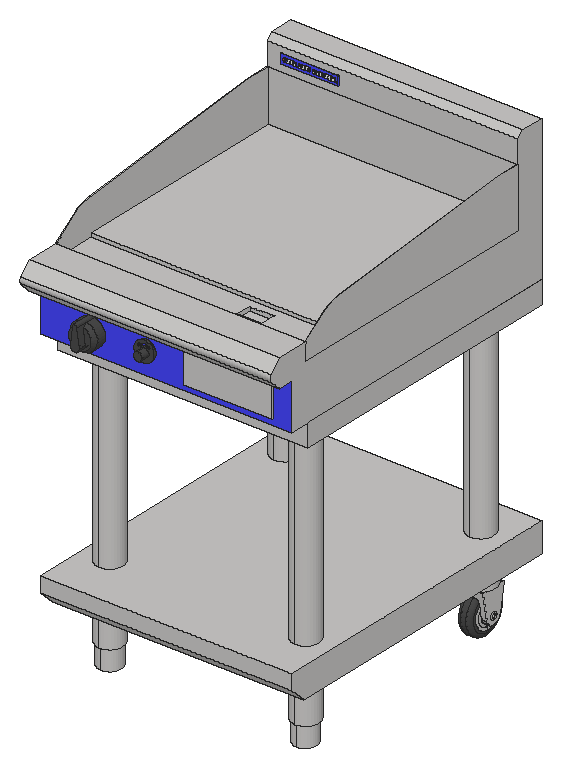
Revit family "QF_MOFFAT_BLUESEAL_CE_GP514-LS", category Specialty Equipment, Revit 2012
Parameters
  Weight in Pounds = 238  # constant formula
  URL Cutsheet = "www.moffat.com"
  URL = "www.moffat.com"
  Type Mark [instance] = ""
  Status [instance] = ""
  Specification by User [instance] = ""
  Specification by Manufacturer = ""
  Show Logo [instance] = yes
  Show Casters [instance] = yes
  Serial Number = ""
  Seismic Rating = ""
  SMACNA No = ""
  Revision Code [instance] = ""
  Omniclass Number and Title = ""
  NAFEM Spec ID Number = ""
  Model = "GP514-LS"
  Mechanical Remarks = ""
  Mechanical Connection Type = ""
  Masterspec = ""
  Manufacturer = "MOFFAT BLUESEAL"
  Legs [instance] = not(Show Casters)  # no
  Item Number [instance] = ""
  Installed By [instance] = ""
  Identify Quantity as Lot [instance] = yes
  Gas Size = 3/4"
  Gas RI Height [instance] = 0 mm
  Gas KW = 14.9
  Gas Input = 50234.0 Btu/h
  Gas Connection Height = 0 mm
  Furnished By [instance] = ""
  Foodservice Equipment Identifier [instance] = yes
  Description = "600MM GAS GRIDDLE PLATE ON LEG STAND"
  CSI MasterFormat = ""
  CSI Master Format = ""
  Base Height [instance] = 150 mm
Reference planes
  plane 1 "BACK": y = 0
  plane 2: z = 0
  plane 3 "LEFT": x = 0
  plane 4 "RIGHT": x = 600
  plane 5 "FRONT": y = -812
  plane 6 "TOP": z = 970
  plane 7 "Center Y": x = 300
  plane 8 "Center X": y = -406
  plane 9 "Base Height": z = 150
  plane 10: z = 915
  plane 11: y = -31
  plane 12: z = 710
  plane 13: z = 1085
  plane 14: y = -625
  plane 15: y = -100
  plane 16: x = 534.371
Forms (mm)
  Extrusion 1, solid, material "QF_Finishes_Stainless Steel"
    sketch origin (0, 0, 0) x (0, 1, 0) y (0, 0, 1)
      loop
        line (-749, 850) -> (-749, 740) -> (0, 740) -> (0, 1085) -> (-57.5, 1085) -> (-70, 1072.5) -> (-70, 875) -> (-705, 875) -> (-705, 915) -> (-783.97, 915) -> (-808.485, 890.485)
        arc (-808.485, 890.485) -> (-811.999, 882) -> (-808.485, 873.515) r 12
        line (-808.485, 873.515) -> (-784.97, 850) -> (-749, 850)
      loop
        line (0, 685) -> (0, 739.5) -> (-699, 739.5) -> (-699, 685) -> (0, 685)
      loop
        line (0, 222.5) -> (-749, 222.5) -> (-749, 186) -> (-713, 150) -> (0, 150) -> (0, 222.5)
    from 0 to 600
  Revolve 2, solid, material "QF_Finishes_Black"
    sketch origin (128.961, 7, 598.311) x (0, 1, 0) y (0, 0, -1)
      loop
        line (-789, -229.5) -> (-766, -229.5) -> (-766, -202) -> (-756, -202) -> (-756, -197) -> (-800, -197) -> (-800, -223.651) -> (-789, -229.5)
      axis (-800, -197) -> (-756, -197)
    angle from 0 to 360
  Extrusion 3, solid, material "QF_Finishes_Black"
    sketch origin (128.961, -759, 795.311) x (0, 0, 1) y (1, 0, 0)
      loop
        arc (32.192, -4.965) -> (37.079, 0.034) -> (32.192, 5.033) r 5
        line (32.192, 5.033) -> (-10.726, 10.453)
        arc (-10.726, 10.453) -> (-22.392, 0.618) -> (-11.893, -10.454) r 10.487
        line (-11.893, -10.454) -> (32.192, -4.965)
    from 0 to -49
  Extrusion 4, solid, material "QF_Finishes_Stainless Steel"
    sketch origin (0, 0, 222.5) x (0, -1, 0) y (1, 0, 0)
      loop
        circle (100, 65) r 31.75
      loop
        circle (625, 65) r 31.75
      loop
        circle (100, 534.371) r 31.75
      loop
        circle (625, 534.371) r 31.75
    from 0 to 462.5
  Revolve 5, solid, material "QF_Finishes_Stainless Steel", visible <- "Legs"
    sketch origin (65.5, -166, 0) x (0, 1, 0) y (0, 0, 1)
      loop
        line (34.25, 150) -> (34.25, 50) -> (38.5, 50) -> (38.5, 0) -> (66, 0) -> (66, 150) -> (34.25, 150)
      axis (66, 150) -> (66, 0)
    angle from 0 to 360
  Revolve 6, solid, material "QF_Finishes_Stainless Steel"
    sketch origin (65.5, -735, 0) x (0, 1, 0) y (0, 0, 1)
      loop
        line (78.25, 150) -> (78.25, 50) -> (82.5, 50) -> (82.5, 0) -> (110, 0) -> (110, 150) -> (78.25, 150)
      axis (110, 150) -> (110, 0)
    angle from 0 to 360
  Revolve 7, solid, material "QF_Finishes_Stainless Steel", visible <- "Legs"
    sketch origin (534.242, -166, 0) x (0, 1, 0) y (0, 0, -1)
      loop
        line (34.25, -150) -> (66, -150) -> (66, 0) -> (38.5, 0) -> (38.5, -50) -> (34.25, -50) -> (34.25, -150)
      axis (66, -150) -> (66, 0)
    angle from 0 to 360
  Revolve 8, solid, material "QF_Finishes_Stainless Steel"
    sketch origin (534.371, -728, 0) x (0, 1, 0) y (0, 0, -1)
      loop
        line (71.25, -150) -> (103, -150) -> (103, 0) -> (75.5, 0) -> (75.5, -50) -> (71.25, -50) -> (71.25, -150)
      axis (103, -150) -> (103, 0)
    angle from 0 to 360
  Revolve 9, solid, material "QF_Finishes_Stainless Steel", visible <- "Show Casters"
    sketch origin (16.276, -100.755, -13.653) x (1, 0, 0) y (0, 0, 1)
      loop
        line (14.841, 63.604) -> (83.584, 63.604) -> (83.584, 67.109) -> (82.314, 68.379) -> (80.79, 68.379) -> (80.79, 71.826) -> (68.644, 71.826) -> (68.644, 81.79) -> (65.088, 83.843) -> (63.738, 92.179) -> (65.881, 92.179) -> (65.881, 98.529) -> (65.088, 98.529) -> (65.088, 104.879)
        arc (65.088, 104.879) -> (62.298, 111.614) -> (55.563, 114.404) r 9.525
        line (55.563, 114.404) -> (42.863, 114.404)
        arc (42.863, 114.404) -> (36.127, 111.614) -> (33.338, 104.879) r 9.525
        line (33.338, 104.879) -> (33.338, 98.529) -> (32.544, 98.529) -> (32.544, 92.179) -> (34.687, 92.179) -> (33.352, 83.932) -> (29.782, 81.871) -> (29.782, 71.826) -> (17.635, 71.826) -> (17.635, 68.379) -> (16.111, 68.379) -> (14.841, 67.109) -> (14.841, 63.604)
      axis (14.841, 63.604) -> (83.584, 63.604)
    angle from 0 to 360
  Extrusion 10, solid, material "QF_Finishes_Stainless Steel", visible <- "Show Casters"
    sketch origin (72.001, 132.353, -8.783) x (0, 1, 0) y (0, 0, 1)
      loop
        line (-200.603, 118.783) -> (-264.103, 118.783) -> (-251.746, 53.895)
        arc (-251.746, 53.895) -> (-232.353, 38.783) -> (-212.959, 53.895) r 20
        line (-212.959, 53.895) -> (-200.603, 118.783)
    from -35.667 to 22.923
  Revolve 11, solid, material "QF_Finishes_Stainless Steel", visible <- "Show Casters"
    sketch origin (65.5, -204, 0) x (0, 1, 0) y (0, 0, 1)
      loop
        line (68.25, 150) -> (68.25, 110) -> (104, 110) -> (104, 150) -> (68.25, 150)
      axis (104, 150) -> (104, 110)
    angle from 0 to 360
  Revolve 12, solid, material "QF_Finishes_Stainless Steel", visible <- "Legs"
    sketch origin (65.5, -166, 0) x (0, 1, 0) y (0, 0, 1)
      loop
        line (34.25, 150) -> (34.25, 50) -> (38.5, 50) -> (38.5, 0) -> (66, 0) -> (66, 150) -> (34.25, 150)
      axis (66, 150) -> (66, 0)
    angle from 0 to 360
  Revolve 13, solid, material "QF_Finishes_Stainless Steel", visible <- "Show Casters"
    sketch origin (335.019, -100.755, -13.653) x (1, 0, 0) y (0, 0, 1)
      loop
        line (164.841, 63.604) -> (233.584, 63.604) -> (233.584, 67.109) -> (232.314, 68.379) -> (230.79, 68.379) -> (230.79, 71.826) -> (218.644, 71.826) -> (218.644, 81.79) -> (215.088, 83.843) -> (213.738, 92.179) -> (215.881, 92.179) -> (215.881, 98.529) -> (215.088, 98.529) -> (215.088, 104.879)
        arc (215.088, 104.879) -> (212.298, 111.614) -> (205.563, 114.404) r 9.525
        line (205.563, 114.404) -> (192.863, 114.404)
        arc (192.863, 114.404) -> (186.127, 111.614) -> (183.338, 104.879) r 9.525
        line (183.338, 104.879) -> (183.338, 98.529) -> (182.544, 98.529) -> (182.544, 92.179) -> (184.687, 92.179) -> (183.352, 83.932) -> (179.782, 81.871) -> (179.782, 71.826) -> (167.635, 71.826) -> (167.635, 68.379) -> (166.111, 68.379) -> (164.841, 67.109) -> (164.841, 63.604)
      axis (233.584, 63.604) -> (164.841, 63.604)
    angle from 0 to 360
  Extrusion 14, solid, material "QF_Finishes_Stainless Steel", visible <- "Show Casters"
    sketch origin (540.743, 132.353, -8.783) x (0, 1, 0) y (0, 0, 1)
      loop
        line (-200.603, 118.783) -> (-264.103, 118.783) -> (-251.746, 53.895)
        arc (-251.746, 53.895) -> (-232.353, 38.783) -> (-212.959, 53.895) r 20
        line (-212.959, 53.895) -> (-200.603, 118.783)
    from -35.667 to 22.923
  Revolve 15, solid, material "QF_Finishes_Stainless Steel", visible <- "Show Casters"
    sketch origin (534.242, -204, 0) x (0, 1, 0) y (0, 0, 1)
      loop
        line (68.25, 150) -> (68.25, 110) -> (104, 110) -> (104, 150) -> (68.25, 150)
      axis (104, 150) -> (104, 110)
    angle from 0 to 360
  Extrusion 16, solid, material "QF_Finishes_Black"
    sketch origin (-58.75, -749, 864.021) x (0, 0, -1) y (1, 0, 0)
      loop
        circle (70, 310) r 24
      loop
        arc (60.1, 324.913) -> (52.064, 310.125) -> (59.882, 295.219) r 17.868
        arc (59.882, 295.219) -> (60.362, 294.934) -> (60.877, 295.149) r 0.621
        arc (60.877, 295.149) -> (62.314, 297.708) -> (62.658, 300.622) r 7.495
        arc (62.658, 300.622) -> (62.454, 301.55) -> (62.006, 302.388) r 3.472
        arc (62.006, 302.388) -> (59.714, 309.851) -> (61.844, 317.362) r 13.786
        arc (61.844, 317.362) -> (62.484, 318.632) -> (62.749, 320.028) r 5.101
        arc (62.749, 320.028) -> (62.378, 322.547) -> (61.084, 324.739) r 6.611
        arc (61.084, 324.739) -> (60.622, 324.997) -> (60.1, 324.913) r 0.806
    from 0 to 5
  Extrusion 17, solid, material "QF_Finishes_Black"
    sketch origin (-58.75, -754, 864.021) x (0, 0, -1) y (1, 0, 0)
      loop
        circle (73.5, 310) r 10
    from 0 to 18.251
  Extrusion 18, solid, material "QF_Finishes_Stainless Steel"
    sketch origin (450, -749, 867.771) x (0, 0, -1) y (1, 0, 0)
      loop
        line (26.5, -105) -> (113.5, -105) -> (113.5, 105) -> (26.5, 105) -> (26.5, -105)
    from 0 to 2.5
  Extrusion 19, solid, material "QF_Finishes_Stainless Steel"
    sketch origin (450, 0, 1.771) x (0, -1, 0) y (0, 0, 1)
      loop
        line (751.5, 839.5) -> (751.5, 837) -> (769.695, 837) -> (769.695, 839.5) -> (751.5, 839.5)
    from -105 to 105
  Extrusion 20, solid, material "QF_Finishes_Stainless Steel"
    sketch origin (0, 0, 0) x (1, 0, 0) y (0, 1, 0)
      loop
        circle (470, -31) r 9.525
    from 655 to 685
Lines and regions (mm)
  Split face 1
    outline origin (0, -56.5, 1085) x (0, 1, 0) y (-1, 0, 0)
      loop
        arc (11.115, -264.794) -> (16.115, -273.455) -> (26.115, -273.455) r 10
        line (26.115, -273.455) -> (33.115, -269.413)
        arc (33.115, -269.413) -> (36.775, -265.753) -> (38.115, -260.753) r 10
        line (38.115, -260.753) -> (38.115, -32.794)
        arc (38.115, -32.794) -> (33.115, -24.134) -> (23.115, -24.134) r 10
        line (23.115, -24.134) -> (16.115, -28.176)
        arc (16.115, -28.176) -> (12.455, -31.836) -> (11.115, -36.836) r 10
        line (11.115, -36.836) -> (11.115, -264.794)
  Split face 2
    outline origin (0, -56.5, 1085) x (0, 1, 0) y (-1, 0, 0)
      loop
        arc (11.115, -564.794) -> (16.115, -573.455) -> (26.115, -573.455) r 10
        line (26.115, -573.455) -> (33.115, -569.413)
        arc (33.115, -569.413) -> (36.775, -565.753) -> (38.115, -560.753) r 10
        line (38.115, -560.753) -> (38.115, -332.794)
        arc (38.115, -332.794) -> (33.115, -324.134) -> (23.115, -324.134) r 10
        line (23.115, -324.134) -> (16.115, -328.176)
        arc (16.115, -328.176) -> (12.455, -331.836) -> (11.115, -336.836) r 10
        line (11.115, -336.836) -> (11.115, -564.794)
  symbolic lines, style "SpecialityEquipmentHiddenLines", visible <- "Show Casters"
    curve 1: line (78.456, -46.735, 0) -> (105.952, -62.61, 0)
    curve 2: line (27.656, -134.723, 0) -> (78.456, -46.735, 0)
    curve 3: line (55.152, -150.598, 0) -> (27.656, -134.723, 0)
    curve 4: line (105.952, -62.61, 0) -> (55.152, -150.598, 0)
    curve 12: line (547.198, -46.735, 0) -> (574.694, -62.61, 0)
    curve 13: line (496.398, -134.723, 0) -> (547.198, -46.735, 0)
    curve 14: line (523.894, -150.598, 0) -> (496.398, -134.723, 0)
    curve 15: line (574.694, -62.61, 0) -> (523.894, -150.598, 0)
  symbolic lines
    curve 5: line (0, -783.97, 0) -> (600, -783.97, 0)
    curve 6: line (0, 0, 0) -> (0, -811.999, 0)
    curve 7: line (600, -811.999, 0) -> (600, 0, 0)
    curve 8: line (600, -811.999, 0) -> (0, -811.999, 0)
    curve 9: line (0, -70, 0) -> (600, -70, 0)
    curve 10: line (0, -57.5, 0) -> (600, -57.5, 0)
    curve 11: line (600, 0, 0) -> (0, 0, 0)
    curve 16: line (260.753, -18.385, 0) -> (32.794, -18.385, 0)
    curve 17: arc (32.794, -18.385, 0) -> (24.134, -23.385, 0) -> (24.134, -33.385, 0) r 10
    curve 18: line (24.134, -33.385, 0) -> (28.176, -40.385, 0)
    curve 19: arc (28.176, -40.385, 0) -> (31.836, -44.045, 0) -> (36.836, -45.385, 0) r 10
    curve 20: line (36.836, -45.385, 0) -> (264.794, -45.385, 0)
    curve 21: arc (264.794, -45.385, 0) -> (273.455, -40.385, 0) -> (273.455, -30.385, 0) r 10
    curve 22: line (273.455, -30.385, 0) -> (269.413, -23.385, 0)
    curve 23: arc (269.413, -23.385, 0) -> (265.753, -19.725, 0) -> (260.753, -18.385, 0) r 10
    curve 24: line (332.794, -18.385, 0) -> (560.753, -18.385, 0)
    curve 25: arc (560.753, -18.385, 0) -> (565.753, -19.725, 0) -> (569.413, -23.385, 0) r 10
    curve 26: line (569.413, -23.385, 0) -> (573.455, -30.385, 0)
    curve 27: arc (573.455, -30.385, 0) -> (573.455, -40.385, 0) -> (564.794, -45.385, 0) r 10
    curve 28: line (564.794, -45.385, 0) -> (336.836, -45.385, 0)
    curve 29: arc (336.836, -45.385, 0) -> (331.836, -44.045, 0) -> (328.176, -40.385, 0) r 10
    curve 30: line (328.176, -40.385, 0) -> (324.134, -33.385, 0)
    curve 31: arc (324.134, -33.385, 0) -> (324.134, -23.385, 0) -> (332.794, -18.385, 0) r 10
Dimensions and locks
  equal spacing: plane 3 "LEFT", plane 7 "Center Y", plane 4 "RIGHT"
  plane 3 "LEFT" to plane 4 "RIGHT" = 600 mm
  equal spacing: plane 5 "FRONT", plane 8 "Center X", plane 1 "BACK"
  plane 5 "FRONT" to plane 1 "BACK" = 812 mm  (x2)
  equal spacing: plane 4 "RIGHT", plane 7 "Center Y", plane 3 "LEFT"
  plane 4 "RIGHT" to plane 3 "LEFT" = 600 mm
  "Base Height": plane 9 "Base Height" to level
  plane 6 "TOP" to level = 970 mm
  plane 10 to level = 915 mm
  plane 11 to plane 1 "BACK" = 31 mm
  plane 12 to level = 710 mm
  plane 13 to plane 2 = 1085 mm
  Revolve 9 sketch curve to Revolve 9 sketch curve = 50.8 mm
  Revolve 13 sketch curve to Revolve 13 sketch curve = 50.8 mm
  Extrusion 20 sketch curve to plane 4 "RIGHT" = 130 mm
  aligned and locked: level to plane 2
Automatic sketch dimensions
  plane 10 to Extrusion 1 sketch curve = 0 mm
  Extrusion 1 sketch curve to plane 9 "Base Height" = 0 mm
  plane 13 to Extrusion 1 sketch curve = 0 mm
  Extrusion 1 sketch curve to plane 1 "BACK" = 0 mm  (x3)
  Extrusion 1 sketch curve to plane 11 = 26.5 mm
  plane 13 to Extrusion 1 sketch curve = 12.5 mm
  Extrusion 1 sketch curve to Extrusion 1 sketch curve = 12.5 mm
  Extrusion 1 sketch curve to plane 12 = 25 mm
  Extrusion 1 sketch curve to plane 5 "FRONT" = 113 mm
  Extrusion 1 sketch curve to plane 5 "FRONT" = 107 mm
  Extrusion 1 sketch curve to plane 5 "FRONT" = 99 mm
  Extrusion 1 sketch curve to Extrusion 1 sketch curve = 44 mm
  Extrusion 1 sketch curve to Extrusion 1 sketch curve = 36 mm
  Extrusion 1 sketch curve to plane 5 "FRONT" = 28.03 mm
  Extrusion 1 sketch curve to plane 5 "FRONT" = 27.03 mm
  Extrusion 1 sketch curve to plane 5 "FRONT" = 12.001 mm
  Extrusion 1 sketch curve to plane 5 "FRONT" = 3.515 mm  (x2)
  plane 9 "Base Height" to Extrusion 1 sketch curve = 36 mm
  plane 9 "Base Height" to Extrusion 1 sketch curve = 72.5 mm
  plane 12 to Extrusion 1 sketch curve = 29.5 mm
  Extrusion 1 sketch curve to Extrusion 1 sketch curve = 0.5 mm
  plane 10 to Extrusion 1 sketch curve = 65 mm
  Extrusion 1 sketch curve to Extrusion 1 sketch curve = 23.515 mm
  plane 10 to Extrusion 1 sketch curve = 40 mm
  Extrusion 1 sketch curve to Extrusion 1 sketch curve = 8.485 mm
  Revolve 2 sketch curve to plane 5 "FRONT" = 19 mm
  Revolve 2 sketch curve to Revolve 2 sketch curve = 0 mm  (x2)
  Revolve 2 sketch curve to Revolve 2 sketch curve = 11 mm
  Revolve 2 sketch curve to Revolve 2 sketch curve = 12.7 mm
  Revolve 2 sketch curve to Revolve 2 sketch curve = 23 mm
  Revolve 2 sketch curve to Revolve 2 sketch curve = 10 mm
  plane 10 to Revolve 2 sketch curve = 87.189 mm
  Revolve 2 sketch curve to Revolve 2 sketch curve = 5.849 mm
  Revolve 2 sketch curve to Revolve 2 sketch curve = 27.5 mm
  Revolve 2 sketch curve to Revolve 2 sketch curve = 5 mm
  Extrusion 4 sketch curve to Extrusion 4 sketch curve = 0 mm  (x8)
  Extrusion 1 to Extrusion 4 sketch curve = 68.25 mm  (x2)
  Extrusion 4 sketch curve to Extrusion 4 sketch curve = 31.75 mm  (x4)
  Extrusion 4 sketch curve to Extrusion 1 = 155.75 mm  (x2)
  Extrusion 1 to Extrusion 4 sketch curve = 65 mm  (x2)
  Extrusion 1 to Extrusion 4 sketch curve = 65.629 mm  (x2)
  Revolve 5 sketch curve to plane 9 "Base Height" = 0 mm
  Revolve 5 sketch curve to level = 0 mm
  Revolve 5 sketch curve to plane 11 = 100.75 mm
  Revolve 5 sketch curve to Revolve 5 sketch curve = 4.25 mm
  Revolve 5 sketch curve to Revolve 5 sketch curve = 27.5 mm  (x2)
  Revolve 5 sketch curve to Revolve 5 sketch curve = 55 mm
  level to Revolve 5 sketch curve = 50 mm
  Revolve 5 sketch curve to Revolve 5 sketch curve = 0 mm
  Revolve 6 sketch curve to plane 9 "Base Height" = 0 mm
  Revolve 6 sketch curve to level = 0 mm
  level to Revolve 6 sketch curve = 50 mm
  Revolve 6 sketch curve to plane 5 "FRONT" = 155.25 mm
  Revolve 6 sketch curve to Revolve 6 sketch curve = 4.25 mm
  Revolve 6 sketch curve to Revolve 6 sketch curve = 27.5 mm  (x2)
  Revolve 6 sketch curve to Revolve 6 sketch curve = 55 mm
  Revolve 6 sketch curve to Revolve 6 sketch curve = 0 mm
  Revolve 7 sketch curve to plane 9 "Base Height" = 0 mm
  Revolve 7 sketch curve to level = 0 mm
  Revolve 7 sketch curve to plane 11 = 100.75 mm
  Revolve 7 sketch curve to Revolve 7 sketch curve = 4.25 mm
  Revolve 7 sketch curve to Revolve 7 sketch curve = 27.5 mm  (x2)
  level to Revolve 7 sketch curve = 50 mm
  Revolve 7 sketch curve to Revolve 7 sketch curve = 0 mm
  Revolve 7 sketch curve to Revolve 7 sketch curve = 55 mm
  Revolve 8 sketch curve to plane 9 "Base Height" = 0 mm
  Revolve 8 sketch curve to level = 0 mm
  level to Revolve 8 sketch curve = 50 mm
  Revolve 8 sketch curve to plane 5 "FRONT" = 155.25 mm
  Revolve 8 sketch curve to Revolve 8 sketch curve = 4.25 mm
  Revolve 8 sketch curve to Revolve 8 sketch curve = 27.5 mm  (x2)
  Revolve 8 sketch curve to Revolve 8 sketch curve = 0 mm
  Revolve 8 sketch curve to Revolve 8 sketch curve = 55 mm
  plane 3 "LEFT" to Revolve 9 sketch curve = 31.118 mm
  Revolve 9 sketch curve to Revolve 9 sketch curve = 1.27 mm  (x4)
  Revolve 9 sketch curve to Revolve 9 sketch curve = 1.524 mm  (x2)
  Revolve 9 sketch curve to Revolve 9 sketch curve = 12.146 mm  (x2)
  Revolve 9 sketch curve to Revolve 9 sketch curve = 2.762 mm
  Revolve 9 sketch curve to Revolve 9 sketch curve = 0.794 mm  (x2)
  Revolve 9 sketch curve to Revolve 9 sketch curve = 3.57 mm
  Revolve 9 sketch curve to Revolve 9 sketch curve = 2.143 mm
  Revolve 9 sketch curve to Revolve 9 sketch curve = 9.525 mm
  Revolve 9 sketch curve to Revolve 9 sketch curve = 24.572 mm
  Revolve 9 sketch curve to Revolve 9 sketch curve = 12.7 mm
  Revolve 9 sketch curve to Revolve 9 sketch curve = 8.176 mm
  Revolve 9 sketch curve to Revolve 9 sketch curve = 1.349 mm  (x2)
  Revolve 9 sketch curve to Revolve 9 sketch curve = 3.556 mm
  Revolve 9 sketch curve to Revolve 9 sketch curve = 33.32 mm
  level to Revolve 9 sketch curve = 49.952 mm
  Revolve 9 sketch curve to Revolve 9 sketch curve = 0 mm
  Revolve 9 sketch curve to Revolve 9 sketch curve = 3.505 mm  (x2)
  Revolve 9 sketch curve to Revolve 9 sketch curve = 3.447 mm  (x2)
  Revolve 9 sketch curve to Revolve 9 sketch curve = 9.964 mm
  Revolve 9 sketch curve to Revolve 9 sketch curve = 10.045 mm
  Revolve 9 sketch curve to Revolve 9 sketch curve = 2.053 mm
  Revolve 9 sketch curve to Revolve 9 sketch curve = 2.061 mm
  Revolve 9 sketch curve to Revolve 9 sketch curve = 8.247 mm
  Revolve 9 sketch curve to Revolve 9 sketch curve = 8.336 mm
  Revolve 9 sketch curve to Revolve 9 sketch curve = 6.35 mm  (x2)
  Extrusion 10 sketch curve to plane 9 "Base Height" = 40 mm
  Extrusion 10 sketch curve to plane 11 = 100.75 mm
  Extrusion 10 sketch curve to Extrusion 10 sketch curve = 12.357 mm
  Extrusion 10 sketch curve to Extrusion 10 sketch curve = 19.393 mm  (x2)
  level to Extrusion 10 sketch curve = 45.111 mm
  Extrusion 10 sketch curve to plane 11 = 37.25 mm
  Extrusion 10 sketch curve to Extrusion 10 sketch curve = 4.889 mm
  Revolve 11 sketch curve to plane 9 "Base Height" = 0 mm
  Revolve 11 sketch curve to plane 9 "Base Height" = 40 mm
  Revolve 11 sketch curve to plane 11 = 104.75 mm
  Revolve 11 sketch curve to plane 11 = 69 mm
  Revolve 11 sketch curve to Revolve 11 sketch curve = 35.75 mm
  level to Revolve 11 sketch curve = 50 mm
  Revolve 11 sketch curve to level = 55 mm
  Revolve 12 sketch curve to plane 9 "Base Height" = 0 mm
  Revolve 12 sketch curve to level = 0 mm
  Revolve 12 sketch curve to plane 11 = 100.75 mm
  Revolve 12 sketch curve to Revolve 12 sketch curve = 4.25 mm
  Revolve 12 sketch curve to Revolve 12 sketch curve = 27.5 mm  (x2)
  Revolve 12 sketch curve to level = 55 mm
  Revolve 12 sketch curve to Revolve 12 sketch curve = 50 mm
  Revolve 12 sketch curve to Revolve 12 sketch curve = 0 mm
  Revolve 13 sketch curve to Revolve 13 sketch curve = 1.27 mm  (x4)
  Revolve 13 sketch curve to Revolve 13 sketch curve = 1.524 mm  (x2)
  Revolve 13 sketch curve to Revolve 13 sketch curve = 12.146 mm  (x2)
  Revolve 13 sketch curve to Revolve 13 sketch curve = 2.762 mm
  Revolve 13 sketch curve to Revolve 13 sketch curve = 0.794 mm  (x2)
  Revolve 13 sketch curve to Revolve 13 sketch curve = 3.57 mm
  Revolve 13 sketch curve to Revolve 13 sketch curve = 2.143 mm
  Revolve 13 sketch curve to Revolve 13 sketch curve = 9.525 mm
  Revolve 13 sketch curve to Revolve 13 sketch curve = 24.572 mm
  Revolve 13 sketch curve to Revolve 13 sketch curve = 12.7 mm
  Revolve 13 sketch curve to Revolve 13 sketch curve = 8.176 mm
  Revolve 13 sketch curve to Revolve 13 sketch curve = 1.349 mm  (x2)
  Revolve 13 sketch curve to Revolve 13 sketch curve = 3.556 mm
  plane 4 "RIGHT" to Revolve 13 sketch curve = 148.077 mm
  level to Revolve 13 sketch curve = 49.952 mm
  Revolve 13 sketch curve to Revolve 13 sketch curve = 0 mm
  Revolve 13 sketch curve to Revolve 13 sketch curve = 3.505 mm  (x2)
  Revolve 13 sketch curve to Revolve 13 sketch curve = 3.447 mm  (x2)
  Revolve 13 sketch curve to Revolve 13 sketch curve = 9.964 mm
  Revolve 13 sketch curve to Revolve 13 sketch curve = 10.045 mm
  Revolve 13 sketch curve to Revolve 13 sketch curve = 2.053 mm
  Revolve 13 sketch curve to Revolve 13 sketch curve = 2.061 mm
  Revolve 13 sketch curve to Revolve 13 sketch curve = 8.247 mm
  Revolve 13 sketch curve to Revolve 13 sketch curve = 8.336 mm
  Revolve 13 sketch curve to Revolve 13 sketch curve = 6.35 mm  (x2)
  Extrusion 14 sketch curve to plane 9 "Base Height" = 40 mm
  Extrusion 14 sketch curve to plane 11 = 100.75 mm
  Extrusion 14 sketch curve to Extrusion 14 sketch curve = 12.357 mm
  Extrusion 14 sketch curve to Extrusion 14 sketch curve = 19.393 mm  (x2)
  level to Extrusion 14 sketch curve = 45.111 mm
  Extrusion 14 sketch curve to plane 11 = 37.25 mm
  Extrusion 14 sketch curve to Extrusion 14 sketch curve = 4.889 mm
  Revolve 15 sketch curve to plane 9 "Base Height" = 0 mm
  Revolve 15 sketch curve to plane 9 "Base Height" = 40 mm
  Revolve 15 sketch curve to plane 11 = 104.75 mm
  Revolve 15 sketch curve to plane 11 = 69 mm
  Revolve 15 sketch curve to Revolve 15 sketch curve = 35.75 mm
  level to Revolve 15 sketch curve = 50 mm
  Revolve 15 sketch curve to level = 55 mm
  Extrusion 3 sketch curve to Revolve 2 = 0.034 mm  (x2)
  Revolve 2 to Extrusion 3 sketch curve = 10.454 mm
  Extrusion 3 sketch curve to Extrusion 3 sketch curve = 0.028 mm
  Extrusion 3 sketch curve to Revolve 2 = 10.453 mm
  Extrusion 3 sketch curve to Extrusion 3 sketch curve = 44 mm
  Extrusion 3 sketch curve to Revolve 2 = 5.033 mm
  Extrusion 3 sketch curve to Extrusion 3 sketch curve = 0.113 mm
  Revolve 2 to Extrusion 3 sketch curve = 4.965 mm
  Extrusion 16 sketch curve to plane 7 "Center Y" = 58.723 mm
  plane 9 "Base Height" to Extrusion 16 sketch curve = 658.834 mm
  Extrusion 16 sketch curve to Extrusion 16 sketch curve = 0.958 mm
  Extrusion 16 sketch curve to Extrusion 16 sketch curve = 1.509 mm
  Extrusion 16 sketch curve to Extrusion 16 sketch curve = 4.01 mm
  Extrusion 16 sketch curve to Extrusion 16 sketch curve = 0.685 mm
  Extrusion 16 sketch curve to Extrusion 16 sketch curve = 2.447 mm
  Extrusion 16 sketch curve to Extrusion 16 sketch curve = 0.524 mm
  Extrusion 16 sketch curve to Extrusion 16 sketch curve = 0.381 mm
  Extrusion 16 sketch curve to Extrusion 16 sketch curve = 0.472 mm
  Extrusion 16 sketch curve to Extrusion 16 sketch curve = 0 mm  (x4)
  Extrusion 16 sketch curve to Extrusion 16 sketch curve = 0.602 mm
  Extrusion 16 sketch curve to Extrusion 16 sketch curve = 4.19 mm
  Extrusion 16 sketch curve to plane 7 "Center Y" = 56.362 mm
  Extrusion 16 sketch curve to Extrusion 16 sketch curve = 2.809 mm
  Extrusion 16 sketch curve to plane 7 "Center Y" = 58.128 mm
  Extrusion 16 sketch curve to Extrusion 16 sketch curve = 0.652 mm
  Extrusion 16 sketch curve to Extrusion 16 sketch curve = 0.905 mm
  Extrusion 16 sketch curve to Extrusion 16 sketch curve = 8.087 mm
  Extrusion 16 sketch curve to Extrusion 16 sketch curve = 0.069 mm
  Extrusion 16 sketch curve to Extrusion 16 sketch curve = 3.5 mm
  Extrusion 16 sketch curve to plane 7 "Center Y" = 48.757 mm
  Extrusion 16 sketch curve to Extrusion 16 sketch curve = 0.007 mm
  plane 4 "RIGHT" to Extrusion 18 sketch curve = 45 mm
  plane 9 "Base Height" to Extrusion 18 sketch curve = 691.271 mm
  plane 9 "Base Height" to Extrusion 18 sketch curve = 604.271 mm
  plane 7 "Center Y" to Extrusion 18 sketch curve = 45 mm
  Extrusion 19 sketch curve to plane 5 "FRONT" = 60.5 mm
  Extrusion 19 sketch curve to Extrusion 19 sketch curve = 18.195 mm
  plane 9 "Base Height" to Extrusion 19 sketch curve = 688.771 mm
  Extrusion 19 sketch curve to Extrusion 19 sketch curve = 2.5 mm
  Extrusion 20 sketch curve to plane 11 = 0 mm
  curve 5 to plane 3 "LEFT" = 0 mm
  plane 1 "BACK" to curve 11 = 0 mm
  curve 11 to plane 4 "RIGHT" = 0 mm
  plane 3 "LEFT" to curve 2 = 27.656 mm
  curve 2 to curve 3 = 27.496 mm
  curve 1 to plane 11 = 15.735 mm
  plane 15 to curve 14 = 34.723 mm
  plane 4 "RIGHT" to curve 14 = 103.602 mm
  plane 15 to curve 14 = 50.598 mm
  curve 13 to curve 14 = 27.496 mm
  curve 13 to plane 11 = 15.735 mm
  plane 15 to curve 4 = 50.598 mm
  curve 5 to plane 5 "FRONT" = 28.03 mm
  curve 8 to plane 5 "FRONT" = 0.001 mm
  curve 9 to plane 15 = 30 mm
  curve 9 to curve 10 = 12.5 mm
  Revolve 13 sketch curve to Revolve 13 sketch curve = 47.937 mm
  plane 3 "LEFT" to curve 2 = 78.456 mm
  Split face 1 sketch curve to Extrusion 1 = 12.115 mm
  Split face 1 sketch curve to Split face 1 sketch curve = 5 mm  (x3)
  Split face 1 sketch curve to Split face 1 sketch curve = 10 mm  (x2)
  Split face 1 sketch curve to Split face 1 sketch curve = 7 mm  (x4)
  Split face 1 sketch curve to Extrusion 1 = 326.545 mm
  Split face 1 sketch curve to Split face 1 sketch curve = 4.041 mm  (x2)
  Split face 1 sketch curve to Extrusion 1 = 563.164 mm
  Split face 2 sketch curve to Extrusion 1 = 12.115 mm
  Split face 2 sketch curve to Split face 2 sketch curve = 5 mm  (x3)
  Split face 2 sketch curve to Split face 2 sketch curve = 10 mm  (x2)
  Split face 2 sketch curve to Split face 2 sketch curve = 7 mm  (x4)
  Split face 2 sketch curve to Extrusion 1 = 26.545 mm
  Split face 2 sketch curve to Split face 2 sketch curve = 4.041 mm  (x2)
  Split face 2 sketch curve to Split face 2 sketch curve = 223.917 mm
  curve 17 to plane 11 = 2.385 mm
  plane 3 "LEFT" to curve 17 = 24.134 mm
  curve 18 to plane 11 = 9.385 mm
  curve 18 to curve 18 = 4.041 mm
  plane 11 to curve 17 = 2.615 mm
  curve 17 to curve 17 = 8.66 mm
  curve 17 to curve 19 = 4.041 mm
  curve 23 to plane 7 "Center Y" = 39.247 mm
  curve 23 to curve 20 = 4.041 mm
  plane 11 to curve 22 = 7.615 mm
  curve 23 to curve 22 = 8.66 mm
  plane 11 to curve 22 = 0.615 mm
  curve 23 to curve 22 = 4.041 mm
  curve 21 to plane 11 = 14.385 mm
  curve 31 to plane 11 = 2.385 mm
  plane 7 "Center Y" to curve 31 = 24.134 mm
  curve 30 to plane 11 = 9.385 mm
  curve 31 to curve 30 = 4.041 mm
  plane 11 to curve 31 = 12.615 mm
  curve 31 to curve 31 = 8.66 mm
  curve 29 to curve 28 = 8.66 mm
  curve 24 to plane 16 = 26.382 mm
  curve 27 to plane 11 = 4.385 mm
  curve 25 to curve 27 = 4.041 mm  (x2)
  plane 11 to curve 26 = 7.615 mm
  curve 24 to curve 26 = 8.66 mm
  plane 11 to curve 27 = 0.615 mm
  radius of Extrusion 16 sketch curve = 24 mm
  radius of Extrusion 17 sketch curve to Extrusion 16 = 3.786 mm
  radius of Extrusion 20 sketch curve = 9.525 mm
Nested families
  nested 1: "WALDORF LOGO_FACE BASE" at (32, -70, 1057.475) x (1, 0, 0) z (0, -1, 0), visible <- "Show Logo", type "WALDORF LOGO_FACE BASE", detail levels medium+fine
    with Show Logo yes
  nested 2: "GAS GRIDDLE 600" at (0, -70, 874.5), type "GAS GRIDDLE 600"
    with Width 600 mm, Type Mark "", Status "", Specification by User "", Show Clearance yes, Revision Code "", Number of Poles 1, Mechanical Remarks "", Mechanical Connection Type "", Item Number "", Installed By "", Identify Quantity as Lot yes, Gas RI Height 0 mm, Gas KW 0, Gas Input 0.0 Btu/h, Furnished By "", Foodservice Equipment Identifier yes, Electrical Remarks "", Electric Connection Type "", Elec Conn RI Height 0 mm, Elec Conn Connection Height 0 mm, Depth 635 mm
Connectors
  piping at (470, -31, 655)
    settings: on Extrusion 20, index 1, connector radius 0.37402", flow factor 0, pipe flow 0 GPM, pressure drop 0.00 psi, fitting loss kfactor 0, connector angle 0.00°, fixture units 0, engagement length 0 mm, flow configuration 1, flow direction 1, fitting loss method 0, system type 7, joint type 0, gender type 0, connector reference index -1, connector utility 0, adjustable connector no, is connector primary yes, fitting loss table "", connector description "GAS CONNECTION"
Definition of nested family "WALDORF LOGO_FACE BASE"
  Parameters (values of type "WALDORF LOGO_FACE BASE")
    Show Logo [instance] = yes
    Default Elevation = 1219.2 mm
  Reference planes
    plane 1 "Center (Front/Back)": y = 0
    plane 2: z = 0
    plane 3 "Center (Left/Right)": x = 0
  Forms (mm)
    Extrusion 1, solid
      sketch origin (0, 0, 0) x (1, 0, 0) y (0, 1, 0)
        loop
          line (-1219.2, 1219.2) -> (-1219.2, -1219.2) -> (1219.2, -1219.2) -> (1219.2, 1219.2) -> (-1219.2, 1219.2)
      from 0 to -304.8
    Extrusion 2, solid, material "QF_Finishes_Blue", visible <- "Show Logo"
      sketch origin (0, -33.217, 0) x (1, 0, 0) y (0, 1, 0)
        loop
          arc (138, 31.942) -> (137.626, 32.844) -> (136.724, 33.217) r 1.276
          line (136.724, 33.217) -> (1.29, 33.217)
          arc (1.29, 33.217) -> (0.378, 32.839) -> (0, 31.927) r 1.29
          line (0, 31.927) -> (0, 11.507)
          arc (0, 11.507) -> (0.378, 10.595) -> (1.29, 10.217) r 1.29
          line (1.29, 10.217) -> (136.71, 10.217)
          arc (136.71, 10.217) -> (137.622, 10.595) -> (138, 11.507) r 1.29
          line (138, 11.507) -> (138, 31.942)
      from 0 to 1.588
    Extrusion 3, solid, material "QF_Finishes_White", visible <- "Show Logo"
      sketch origin (0, -33.217, 1.588) x (1, 0, 0) y (0, 1, 0)
        loop
          arc (108.946, 25.919) -> (107.613, 25.367) -> (107.061, 24.034) r 1.885
          line (107.061, 24.034) -> (107.061, 17.211) -> (112.704, 17.211) -> (112.704, 19.129) -> (115.546, 19.129) -> (115.546, 17.211) -> (121.584, 17.211) -> (121.584, 24.075)
          arc (121.584, 24.075) -> (121.043, 25.379) -> (119.739, 25.919) r 1.845
          line (119.739, 25.919) -> (108.946, 25.919)
        loop
          line (123.478, 25.919) -> (123.478, 17.163) -> (134.904, 17.163) -> (134.904, 19.129) -> (129.246, 19.129) -> (129.246, 25.919) -> (123.478, 25.919)
        loop
          line (112.704, 21.258) -> (115.546, 21.258) -> (115.546, 22.702)
          arc (115.546, 22.702) -> (115.344, 23.188) -> (114.858, 23.389) r 0.687
          line (114.858, 23.389) -> (113.363, 23.389)
          arc (113.363, 23.389) -> (112.897, 23.196) -> (112.704, 22.73) r 0.658
          line (112.704, 22.73) -> (112.704, 21.258)
        loop
          line (105.071, 25.919) -> (93.771, 25.919) -> (93.771, 17.163) -> (105.071, 17.163) -> (105.071, 19.063) -> (99.535, 19.063) -> (99.535, 20.437) -> (105.071, 20.437) -> (105.071, 22.278) -> (99.535, 22.278) -> (99.535, 23.587) -> (105.071, 23.587) -> (105.071, 25.919)
        loop
          line (91.104, 25.919) -> (79.541, 25.919)
          arc (79.541, 25.919) -> (78.558, 25.513) -> (78.152, 24.53) r 1.389
          line (78.152, 24.53) -> (78.152, 22.08)
          arc (78.152, 22.08) -> (78.558, 21.098) -> (79.541, 20.691) r 1.389
          line (79.541, 20.691) -> (86.346, 20.691) -> (86.346, 18.864) -> (83.266, 18.864) -> (83.266, 19.664) -> (78.152, 19.664) -> (78.152, 18.553)
          arc (78.152, 18.553) -> (78.558, 17.57) -> (79.541, 17.163) r 1.389
          line (79.541, 17.163) -> (91.063, 17.163)
          arc (91.063, 17.163) -> (92.045, 17.57) -> (92.452, 18.553) r 1.389
          line (92.452, 18.553) -> (92.452, 20.691)
          arc (92.452, 20.691) -> (92.045, 21.673) -> (91.063, 22.08) r 1.389
          line (91.063, 22.08) -> (83.266, 22.08) -> (83.266, 23.984) -> (86.346, 23.984) -> (86.346, 22.743) -> (92.452, 22.743) -> (92.452, 24.571)
          arc (92.452, 24.571) -> (92.057, 25.524) -> (91.104, 25.919) r 1.348
        loop
          line (70.705, 25.919) -> (59.405, 25.919) -> (59.405, 17.163) -> (70.705, 17.163) -> (70.705, 19.063) -> (65.169, 19.063) -> (65.169, 20.437) -> (70.705, 20.437) -> (70.705, 22.278) -> (65.169, 22.278) -> (65.169, 23.587) -> (70.705, 23.587) -> (70.705, 25.919)
        loop
          line (57.598, 25.919) -> (51.7, 25.919) -> (51.7, 20.18)
          arc (51.7, 20.18) -> (50.63, 19.11) -> (49.56, 20.18) r 1.07
          line (49.56, 20.18) -> (49.56, 25.919) -> (43.663, 25.919) -> (43.663, 19.049)
          arc (43.663, 19.049) -> (44.215, 17.716) -> (45.548, 17.163) r 1.885
          line (45.548, 17.163) -> (55.71, 17.163)
          arc (55.71, 17.163) -> (57.045, 17.716) -> (57.598, 19.051) r 1.887
          line (57.598, 19.051) -> (57.598, 25.919)
        loop
          line (31.62, 25.919) -> (31.62, 17.163) -> (43.046, 17.163) -> (43.046, 19.129) -> (37.388, 19.129) -> (37.388, 25.919) -> (31.62, 25.919)
        loop
          line (15.969, 25.919) -> (15.969, 17.163) -> (28.693, 17.163)
          arc (28.693, 17.163) -> (29.812, 17.627) -> (30.276, 18.746) r 1.582
          line (30.276, 18.746) -> (30.276, 20.447) -> (29.48, 21.243) -> (30.276, 22.039) -> (30.276, 24.332)
          arc (30.276, 24.332) -> (29.811, 25.454) -> (28.688, 25.919) r 1.587
          line (28.688, 25.919) -> (15.969, 25.919)
        loop
          line (21.449, 24.159) -> (21.449, 22.436) -> (23.862, 22.436)
          arc (23.862, 22.436) -> (24.723, 23.298) -> (23.862, 24.159) r 0.861
          line (23.862, 24.159) -> (21.449, 24.159)
        loop
          line (21.449, 20.244) -> (21.449, 18.522) -> (23.862, 18.522)
          arc (23.862, 18.522) -> (24.723, 19.383) -> (23.862, 20.244) r 0.861
          line (23.862, 20.244) -> (21.449, 20.244)
      from 0 to 0.2
    Extrusion 4, solid, material "QF_Finishes_Blue", visible <- "Show Logo"
      sketch origin (-126.498, -31.09, 1.588) x (1, 0, 0) y (0, 1, 0)
        loop
          line (136.738, 23.522) -> (136.738, 15.1)
          arc (136.738, 15.1) -> (140.756, 19.311) -> (136.738, 23.522) r 4.216
      from 0 to 0.2
    Extrusion 5, solid, material "QF_Finishes_Red", visible <- "Show Logo"
      sketch origin (146.849, -31.09, 1.588) x (-1, 0, 0) y (0, -1, 0)
        loop
          arc (136.738, -23.522) -> (140.756, -19.311) -> (136.738, -15.1) r 4.216
          line (136.738, -15.1) -> (136.738, -23.522)
      from 0 to 0.2
  Lines and regions (mm)
    Split face 1
      outline origin (-90.35, -30.793, 1.588) x (1, 0, 0) y (0, 1, 0)
        loop
          circle (100.54, 19.013) r 4.536
  Dimensions and locks
    aligned and locked: plane 2 to Extrusion 1
    aligned and locked: level to Extrusion 1
Definition of nested family "GAS GRIDDLE 600"
  Parameters (values of type "GAS GRIDDLE 600")
    Width [instance] = 600 mm
    Weight in Pounds = 0
    Watts = 0 W
    Volts = 0 V
    URL Cutsheet = ""
    Type Mark [instance] = ""
    Status [instance] = ""
    Specification by User [instance] = ""
    Specification by Manufacturer = ""
    Show Clearance [instance] = yes
    Serial Number = ""
    Seismic Rating = ""
    SMACNA No = ""
    Revision Code [instance] = ""
    Phase = 1
    Omniclass Number and Title = ""
    Number of Poles [instance] = 1
    NAFEM Spec ID Number = ""
    Min Ckt Ampacity = 0 A
    Mechanical Remarks [instance] = ""
    Mechanical Connection Type [instance] = ""
    Max Overcurrent Protection = 0 A
    Masterspec = ""
    Item Number [instance] = ""
    Installed By [instance] = ""
    Identify Quantity as Lot [instance] = yes
    HP = ""
    Gas Size = 0"
    Gas RI Height [instance] = 0 mm
    Gas KW [instance] = 0
    Gas Input [instance] = 0.0 Btu/h
    Gas Connection Height = 0 mm
    Furnished By [instance] = ""
    Foodservice Equipment Identifier [instance] = yes
    FL Amps = 0 A
    Electrical Remarks [instance] = ""
    Electric Connection Type [instance] = ""
    Elec Conn RI Height [instance] = 0 mm
    Elec Conn Connection Height [instance] = 0 mm
    Depth [instance] = 635 mm
    Cycle = 0 Hz
    Conn Plug = ""
    Conn Conduit = yes
    CSI MasterFormat = ""
    CSI Master Format = ""
    Apparent Power = if(Phase = 3, Volts * FL Amps * 1.73, Volts * FL Amps)  # 0 VA
  Reference planes
    plane 1 "BACK": y = 0
    plane 2: z = 0
    plane 3 "LEFT": x = 0
    plane 4 "RIGHT": x = 600
    plane 5 "FRONT": y = -635
    plane 6 "TOP": z = 142.5
    plane 7 "Center Y": x = 300
    plane 8 "Center X": y = -317.5
    plane 9: y = -530.997
    plane 10: y = -541.497
    plane 11: y = -503.25
    plane 12: y = -557.737
  Forms (mm)
    Extrusion 1, solid, material "QF_Finishes_Stainless Steel"
      sketch origin (0, 70.003, -874.5) x (0, 1, 0) y (0, 0, 1)
        loop
          line (-70, 875) -> (-70, 1017) -> (-127.048, 1017) -> (-604.533, 971.023)
          arc (-604.533, 971.023) -> (-629.56, 965.303) -> (-652.306, 953.399) r 100
          line (-652.306, 953.399) -> (-705.003, 916.5) -> (-705.003, 875) -> (-70, 875)
      from 0 to 1.8
    Extrusion 2, solid, material "QF_Finishes_Stainless Steel"
      sketch origin (600, 70.003, -874.5) x (0, -1, 0) y (0, 0, 1)
        loop
          line (70, 875) -> (705.003, 875) -> (705.003, 916.5) -> (652.306, 953.399)
          arc (652.306, 953.399) -> (629.56, 965.303) -> (604.533, 971.023) r 100
          line (604.533, 971.023) -> (127.048, 1017) -> (70, 1017) -> (70, 875)
      from 0 to 1.2
    Extrusion 3, solid, material "QF_Finishes_Stainless Steel"
      sketch origin (150, 70.003, -874.5) x (0, 1, 0) y (0, 0, 1)
        loop
          line (-70.003, 894) -> (-602.103, 894) -> (-602.103, 884.5) -> (-683.795, 884.5) -> (-683.795, 895) -> (-705.003, 895) -> (-705.003, 875) -> (-70.003, 875) -> (-70.003, 894)
      from -148.2 to 448.8
    Extrusion 4, void
      sketch origin (150, -561.497, 10) x (0, -1, 0) y (1, 0, 0)
        loop
          line (-9.205, 249.25) -> (29.295, 249.25) -> (29.295, 309.25) -> (-9.205, 309.25) -> (-9.205, 249.25)
      from -41.4 to 40.142
    Extrusion 5, solid, material "QF_Finishes_Stainless Steel"
      sketch origin (0, 0, 0) x (1, 0, 0) y (0, 1, 0)
        loop
          line (1.8, 0) -> (1.8, -1.2) -> (598.8, -1.2) -> (598.8, 0) -> (1.8, 0)
      from 19.5 to 142.5
  Cuts and joins
    Extrusion 4 cuts Extrusion 3
    joined: Extrusion 1, Extrusion 2, Extrusion 3
  Lines and regions (mm)
    symbolic lines
      curve 1: line (600, -532.1, 0) -> (0, -532.1, 0)
      curve 2: line (0, -613.792, 0) -> (600, -613.792, 0)
      curve 3: line (0, 0, 0) -> (600, 0, 0)
      curve 4: line (600, 0, 0) -> (600, -635, 0)
      curve 5: line (0, -635, 0) -> (0, 0, 0)
      curve 6: line (0, -635, 0) -> (600, -635, 0)
      curve 7: line (399.25, -552.292, 0) -> (459.25, -552.292, 0)
      curve 8: line (399.25, -590.792, 0) -> (399.25, -552.292, 0)
      curve 9: line (459.25, -590.792, 0) -> (399.25, -590.792, 0)
      curve 10: line (459.25, -552.292, 0) -> (459.25, -590.792, 0)
  Dimensions and locks
    equal spacing: plane 3 "LEFT", plane 7 "Center Y", plane 4 "RIGHT"
    "Width": plane 3 "LEFT" to plane 4 "RIGHT"
    equal spacing: plane 5 "FRONT", plane 8 "Center X", plane 1 "BACK"
    "Depth": plane 5 "FRONT" to plane 1 "BACK"
    locked: Extrusion 2 to Extrusion 2 at 1.2
    aligned and locked: level to plane 2
    aligned and locked: Extrusion 2 to plane 4 "RIGHT"
    aligned and locked: cut or joined group of Extrusion 1, Extrusion 2, Extrusion 3, Extrusion 4 to cut or joined group of Extrusion 1, Extrusion 2, Extrusion 3, Extrusion 4
  Automatic sketch dimensions
    Extrusion 1 sketch curve to plane 5 "FRONT" = 0 mm
    Extrusion 1 sketch curve to plane 6 "TOP" = 0 mm
    plane 12 to Extrusion 1 sketch curve = 24.566 mm
    Extrusion 1 sketch curve to plane 12 = 23.207 mm
    Extrusion 1 sketch curve to level = 3.016 mm
    plane 11 to Extrusion 1 sketch curve = 21.695 mm
    plane 1 "BACK" to Extrusion 1 sketch curve = 57.045 mm
    Extrusion 1 sketch curve to plane 1 "BACK" = 0.003 mm
    level to Extrusion 1 sketch curve = 0.5 mm
    Extrusion 1 sketch curve to Extrusion 1 sketch curve = 41.5 mm
    Extrusion 1 sketch curve to plane 6 "TOP" = 63.601 mm
    Extrusion 2 sketch curve to plane 6 "TOP" = 0 mm
    Extrusion 2 sketch curve to plane 5 "FRONT" = 0 mm
    plane 12 to Extrusion 2 sketch curve = 24.566 mm
    Extrusion 2 sketch curve to plane 12 = 23.207 mm
    Extrusion 2 sketch curve to level = 3.016 mm
    plane 11 to Extrusion 2 sketch curve = 21.695 mm
    plane 1 "BACK" to Extrusion 2 sketch curve = 57.045 mm
    Extrusion 2 sketch curve to plane 1 "BACK" = 0.003 mm
    level to Extrusion 2 sketch curve = 0.5 mm
    Extrusion 2 sketch curve to Extrusion 2 sketch curve = 41.5 mm
    Extrusion 2 sketch curve to plane 6 "TOP" = 63.601 mm
    Extrusion 3 sketch curve to plane 5 "FRONT" = 0 mm
    Extrusion 3 sketch curve to plane 1 "BACK" = 0 mm
    level to Extrusion 3 sketch curve = 10 mm
    Extrusion 3 sketch curve to plane 5 "FRONT" = 21.208 mm
    plane 9 to Extrusion 3 sketch curve = 1.103 mm
    level to Extrusion 3 sketch curve = 0.5 mm
    Extrusion 3 sketch curve to Extrusion 3 sketch curve = 10.5 mm
    Extrusion 3 sketch curve to Extrusion 3 sketch curve = 9.5 mm
    Extrusion 4 sketch curve to plane 12 = 5.445 mm
    plane 12 to Extrusion 4 sketch curve = 33.055 mm
    plane 7 "Center Y" to Extrusion 4 sketch curve = 99.25 mm
    Extrusion 4 sketch curve to Extrusion 4 sketch curve = 60 mm
    plane 1 "BACK" to Extrusion 5 sketch curve = 0 mm
    plane 3 "LEFT" to Extrusion 5 sketch curve = 1.8 mm
    plane 4 "RIGHT" to Extrusion 5 sketch curve = 1.2 mm
    Extrusion 5 sketch curve to Extrusion 5 sketch curve = 1.2 mm
    curve 6 to plane 3 "LEFT" = 0 mm
    curve 4 to plane 4 "RIGHT" = 0 mm
    plane 5 "FRONT" to curve 6 = 0 mm
    plane 1 "BACK" to curve 3 = 0 mm
    curve 8 to plane 12 = 5.445 mm
    plane 7 "Center Y" to curve 8 = 99.25 mm
    curve 7 to curve 10 = 60 mm
    curve 2 to plane 5 "FRONT" = 21.208 mm
    plane 12 to curve 9 = 33.055 mm
    curve 1 to plane 12 = 25.637 mm
